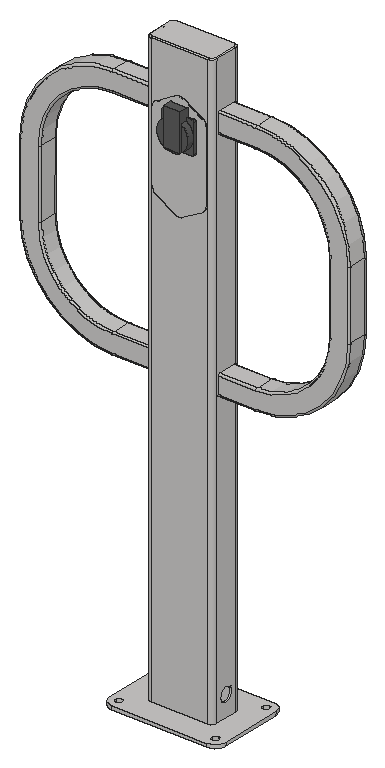
Revit family "Landscaping_Bike-Racks-Shelters_Saris-Infrastructure_Power-Post", category Site, Revit 2022
Family settings
  Round Connector Dimension = Use Diameter
  Part Type = Normal
  OmniClass Number = 23.40.10.11.11
  OmniClass Title = Bicycle Racks
  Work Plane-Based = No
  Always vertical = Yes
  Cut with Voids When Loaded = No
  Shared = No
Parameters (values of type "Locking Power Post, Zinc Plated")
  z_Locking Power = yes
  Width = 5.00"  # constant formula
  Weight = 22.00 lbf
  Warranty = "1 year"  # constant formula
  Voltage = 125 V  # constant formula
  Version = 1  # constant formula
  URL = "https://www.sarisinfrastructure.com/"
  Power Factor = 1
  Number of Poles = 1
  Clearance [instance] = no
  Product data url = ""
  Product Specifications = "• Two built-in grounded outlets for charging eBikes\r\n• Access port near bottom for electrical plumbing\r\n• Full rectangular tube construction to deter pipe cutters\r\n• Accommodates two standard or electric bikes\r\n• Meets APBP bike parking guidelines\r\n• Ring-less, non-locking version can accompany existing\r\nbicycle racks to provide a charging point"  # constant formula
  Product Page URL = "https://sarisinfrastructure.com/products/powerpostandring"
  Product Material = Saris Infrastructure - Zinc Plated Steel
  Product Documentation Link = "https://cdn.shopify.com/s/files/1/0685/4662/5750/files/Power_Post_Saris_Infrastructure.pdf"
  Model = "34015"
  Manufacturer = "Saris Infrastructure"  # constant formula
  Length = 19.88"
  Height = 36.00"  # constant formula
  Description = "Locking Power Post, Zinc Plated - 34015"
  Default Elevation = 0.00"
  Date Updated = "2024/08/15"  # constant formula
  Date Created = "2024/08/15"  # constant formula
  Apparent Load = 0 VA
Types (5): name | z_Locking Power | Weight | Product Page URL | Product Material | Model | Length | Description
  (no name) | yes | 22.00 lbf | "https://sarisinfrastructure.com/products/powerpostandring" | Saris Infrastructure - Zinc Plated Steel | "34015" | 19.88" | "Locking Power Post, Zinc Plated - 34015"
  Locking Power Post, Black Powder Coat | yes | 22.00 lbf | "https://sarisinfrastructure.com/products/powerpostandring" | Saris Infrastructure - Mild Steel - Powder Coat - Black | "34102" | 19.88" | "Locking Power Post, Black Powder Coat - 34102"
  Locking Power Post, Zinc Plated | yes | 22.00 lbf | "https://sarisinfrastructure.com/products/powerpostandring" | Saris Infrastructure - Zinc Plated Steel | "34015" | 19.88" | "Locking Power Post, Zinc Plated - 34015"
  Non-locking Power Post, Black Powder Coat | no | 16.00 lbf | "https://sarisinfrastructure.com/products/power-post" | Saris Infrastructure - Mild Steel - Powder Coat - Black | "34206" | 7.00" | "Non-locking Power Post, Black Powder Coat - 34206"
  Non-locking Power Post, Zinc Plated | no | 16.00 lbf | "https://sarisinfrastructure.com/products/power-post" | Saris Infrastructure - Zinc Plated Steel | "34014" | 7.00" | "Non-locking Power Post, Zinc Plated - 34014"
Reference planes (in)
  plane 1 "Center (Front/Back)": y = 0
  plane 2: z = 0
  plane 3 "Center (Left/Right)": x = 0
  plane 4: y = 24
  plane 5: y = -24
  plane 6: x = 48
  plane 7: x = -48
Forms (in)
  Extrusion 1, solid, material "Clearance Material - Saris Infrastructure - Red", visible <- "Clearance"
    sketch origin (0, 0, 0) x (1, 0, 0) y (0, 1, 0)
      loop
        line (-48, 24) -> (-48, -24) -> (48, -24) -> (48, 24) -> (-48, 24)
    from 0 to 36
  Extrusion 2, solid, material "Saris Infrastructure - Zinc Plated Steel" <- "Product Material"
    sketch origin (0, 0, 0) x (1, 0, 0) y (0, 1, 0)
      loop
        line (1.69472, 1) -> (-1.69334, 1)
        arc (-1.69334, 1) -> (-1.91018, 0.91018) -> (-2, 0.69334) r 0.30666
        line (-2, 0.69334) -> (-2, -0.68507)
        arc (-2, -0.68507) -> (-1.90861, -0.9057) -> (-1.68797, -0.99709) r 0.31203
        line (-1.68797, -0.99709) -> (1.68557, -0.99709)
        arc (1.68557, -0.99709) -> (1.90791, -0.905) -> (2, -0.68266) r 0.31443
        line (2, -0.68266) -> (2, 0.69472)
        arc (2, 0.69472) -> (1.91058, 0.91058) -> (1.69472, 1) r 0.30528
      loop
        arc (-1.68518, 0.87791) -> (-1.8194, 0.82231) -> (-1.875, 0.68808) r 0.18982
        line (-1.875, 0.68808) -> (-1.875, -0.6795)
        arc (-1.875, -0.6795) -> (-1.81859, -0.81569) -> (-1.68241, -0.87209) r 0.19259
        line (-1.68241, -0.87209) -> (1.68365, -0.87209)
        arc (1.68365, -0.87209) -> (1.81896, -0.81605) -> (1.875, -0.68075) r 0.19135
        line (1.875, -0.68075) -> (1.875, 0.68628)
        arc (1.875, 0.68628) -> (1.81888, 0.82178) -> (1.68338, 0.87791) r 0.19162
        line (1.68338, 0.87791) -> (-1.68518, 0.87791)
    from 0.18 to 35.933
  Sweep 3, solid, material "Saris Infrastructure - Zinc Plated Steel" <- "Product Material", visible <- "z_Locking Power"
    path origin (-1.3125, 0, 4.23438) x (-1, 0, 0) y (0, 0, -1)
      loop
        line (0.6875, -28.885) -> (3.00136, -28.885)
        arc (3.00136, -28.885) -> (6.97821, -27.23737) -> (8.6246, -23.26) r 5.62324
        line (8.6246, -23.26) -> (8.62636, -19.125)
        arc (8.62636, -19.125) -> (6.97943, -15.14745) -> (3.00136, -13.50176) r 5.62085
        line (3.00136, -13.50176) -> (0.6875, -13.5)
    profile origin (-3.15693, 0, 33.11938) x (0, 0, -1) y (0, -1, 0)
      loop
        line (0, 0.525) -> (0, -0.525)
        arc (0, -0.525) -> (0.02929, -0.59571) -> (0.1, -0.625) r 0.1
        line (0.1, -0.625) -> (1.15, -0.625)
        arc (1.15, -0.625) -> (1.22071, -0.59571) -> (1.25, -0.525) r 0.1
        line (1.25, -0.525) -> (1.25, 0.525)
        arc (1.25, 0.525) -> (1.22071, 0.59571) -> (1.15, 0.625) r 0.1
        line (1.15, 0.625) -> (0.1, 0.625)
        arc (0.1, 0.625) -> (0.02929, 0.59571) -> (0, 0.525) r 0.1
      loop
        line (0.12, -0.505) -> (1.13, -0.505) -> (1.13, 0.505) -> (0.12, 0.505) -> (0.12, -0.505)
  Extrusion 4, solid, material "Saris Infrastructure - Zinc Plated Steel" <- "Product Material"
    sketch origin (0, 0, 0) x (1, 0, 0) y (0, 1, 0)
      loop
        line (2.86399, 2.5) -> (-2.86561, 2.5)
        arc (-2.86561, 2.5) -> (-3.31419, 2.31419) -> (-3.5, 1.86561) r 0.63439
        line (-3.5, 1.86561) -> (-3.5, -1.85979)
        arc (-3.5, -1.85979) -> (-3.31249, -2.31249) -> (-2.85979, -2.5) r 0.64021
        line (-2.85979, -2.5) -> (2.86396, -2.5)
        arc (2.86396, -2.5) -> (3.31371, -2.31371) -> (3.5, -1.86396) r 0.63604
        line (3.5, -1.86396) -> (3.5, 1.86399)
        arc (3.5, 1.86399) -> (3.31372, 2.31372) -> (2.86399, 2.5) r 0.63601
      loop
        circle (-2.90329, 1.90369) r 0.2135
      loop
        circle (2.90329, 1.90369) r 0.2135
      loop
        circle (-2.90329, -1.90369) r 0.2135
      loop
        circle (2.90329, -1.90369) r 0.2135
    from 0 to 0.18
  Sweep 5, solid, material "Saris Infrastructure - Zinc Plated Steel" <- "Product Material", visible <- "z_Locking Power"
    path origin (1.3125, 0, 4.23438) x (1, 0, 0) y (0, 0, 1)
      loop
        line (0.6875, 28.885) -> (3.00136, 28.885)
        arc (3.00136, 28.885) -> (6.97821, 27.23737) -> (8.6246, 23.26) r 5.62324
        line (8.6246, 23.26) -> (8.62636, 19.125)
        arc (8.62636, 19.125) -> (6.97943, 15.14745) -> (3.00136, 13.50176) r 5.62085
        line (3.00136, 13.50176) -> (0.6875, 13.5)
    profile origin (3.15693, 0, 33.11938) x (0, 0, 1) y (0, -1, 0)
      loop
        arc (0, 0.525) -> (-0.02929, 0.59571) -> (-0.1, 0.625) r 0.1
        line (-0.1, 0.625) -> (-1.15, 0.625)
        arc (-1.15, 0.625) -> (-1.22071, 0.59571) -> (-1.25, 0.525) r 0.1
        line (-1.25, 0.525) -> (-1.25, -0.525)
        arc (-1.25, -0.525) -> (-1.22071, -0.59571) -> (-1.15, -0.625) r 0.1
        line (-1.15, -0.625) -> (-0.1, -0.625)
        arc (-0.1, -0.625) -> (-0.02929, -0.59571) -> (0, -0.525) r 0.1
        line (0, -0.525) -> (0, 0.525)
      loop
        line (-0.12, -0.505) -> (-0.12, 0.505) -> (-1.13, 0.505) -> (-1.13, -0.505) -> (-0.12, -0.505)
  SweptBlend 6, solid, material "Saris Infrastructure - Zinc Plated Steel" <- "Product Material"
    path origin (0, 7.5, 0) x (0, 0, 1) y (-1, 0, 0)
      loop
        line (35.993, 0) -> (35.933, 0)
    profile origin (0, 7.5, 35.993) x (0, 1, 0) y (-1, 0, 0)
      loop
        line (-6.55709, -1.69) -> (-6.55709, 1.69)
        arc (-6.55709, 1.69) -> (-6.63032, 1.86678) -> (-6.80709, 1.94) r 0.25
        line (-6.80709, 1.94) -> (-8.18709, 1.94)
        arc (-8.18709, 1.94) -> (-8.36387, 1.86678) -> (-8.43709, 1.69) r 0.25
        line (-8.43709, 1.69) -> (-8.43709, -1.69)
        arc (-8.43709, -1.69) -> (-8.36387, -1.86678) -> (-8.18709, -1.94) r 0.25
        line (-8.18709, -1.94) -> (-6.80709, -1.94)
        arc (-6.80709, -1.94) -> (-6.63032, -1.86678) -> (-6.55709, -1.69) r 0.25
    end profile origin (0, 7.5, 35.933) x (0, 1, 0) y (-1, 0, 0)
      loop
        arc (-6.5, 1.69334) -> (-6.58982, 1.91018) -> (-6.80666, 2) r 0.30666
        line (-6.80666, 2) -> (-8.18507, 2)
        arc (-8.18507, 2) -> (-8.4057, 1.90861) -> (-8.49709, 1.68797) r 0.31203
        line (-8.49709, 1.68797) -> (-8.49709, -1.68557)
        arc (-8.49709, -1.68557) -> (-8.405, -1.90791) -> (-8.18266, -2) r 0.31443
        line (-8.18266, -2) -> (-6.80528, -2)
        arc (-6.80528, -2) -> (-6.58942, -1.91058) -> (-6.5, -1.69472) r 0.30528
        line (-6.5, -1.69472) -> (-6.5, 1.69334)
  Extrusion 7, void
    sketch origin (-7.99865, 0, 0) x (0, 0, 1) y (0, -1, 0)
      loop
        circle (1.43, 0) r 0.43797
    from 8.52876 to 10.87365
  Extrusion 8, solid, material "Saris Infrastructure - Zinc Plated Steel" <- "Product Material"
    sketch origin (0, 7.5, 0) x (0, 0, 1) y (1, 0, 0)
      loop
        arc (33.32505, -0.25) -> (33.39204, 0) -> (33.32505, 0.25) r 0.5
        line (33.32505, 0.25) -> (32.67553, 1.375)
        arc (32.67553, 1.375) -> (32.49252, 1.55801) -> (32.24252, 1.625) r 0.5
        line (32.24252, 1.625) -> (28.04156, 1.625)
        arc (28.04156, 1.625) -> (27.79156, 1.55801) -> (27.60854, 1.375) r 0.5
        line (27.60854, 1.375) -> (26.95903, 0.25)
        arc (26.95903, 0.25) -> (26.89204, 0) -> (26.95903, -0.25) r 0.5
        line (26.95903, -0.25) -> (27.60854, -1.375)
        arc (27.60854, -1.375) -> (27.79156, -1.55801) -> (28.04156, -1.625) r 0.5
        line (28.04156, -1.625) -> (32.24252, -1.625)
        arc (32.24252, -1.625) -> (32.49252, -1.55801) -> (32.67553, -1.375) r 0.5
        line (32.67553, -1.375) -> (33.32505, -0.25)
    from -8.51609 to -8.49709
  Extrusion 9, solid, material "Saris Infrastructure - Plastic - Black"
    sketch origin (0, -1.01609, 0) x (0, 0, -1) y (1, 0, 0)
      loop
        line (-32.35608, -0.98425) -> (-30.63716, -0.98425)
        arc (-30.63716, -0.98425) -> (-30.546, -0.9465) -> (-30.50825, -0.85534) r 0.12891
        line (-30.50825, -0.85534) -> (-30.50825, 0.85723)
        arc (-30.50825, 0.85723) -> (-30.54545, 0.94705) -> (-30.63527, 0.98425) r 0.12702
        line (-30.63527, 0.98425) -> (-32.35366, 0.98425)
        arc (-32.35366, 0.98425) -> (-32.4407, 0.9482) -> (-32.47675, 0.86116) r 0.12309
        line (-32.47675, 0.86116) -> (-32.47675, 0.49213) -> (-30.72015, 0.49213) -> (-30.72015, -0.49213) -> (-32.47675, -0.49213) -> (-32.47675, -0.86358)
        arc (-32.47675, -0.86358) -> (-32.44141, -0.94891) -> (-32.35608, -0.98425) r 0.12068
    from 0 to 0.106
  Extrusion 10, solid, material "Saris Infrastructure - Plastic - Black"
    sketch origin (0, -1.01609, 0) x (0, 0, -1) y (1, 0, 0)
      loop
        line (-32.94919, -0.49213) -> (-30.72015, -0.49213) -> (-30.72015, 0.49213) -> (-32.94919, 0.49213) -> (-32.94919, -0.49213)
    from 0 to 0.57155
  Extrusion 11, solid, material "Saris Infrastructure - Plastic - Black"
    sketch origin (0, -1.01609, 0) x (0, 0, -1) y (1, 0, 0)
      loop
        circle (-31.49112, 0.00152) r 0.92677
    from 0.106 to 0.50905
  Extrusion 12, solid, material "Saris Infrastructure - Zinc Plated Steel" <- "Product Material"
    sketch origin (0, -7.5, 0) x (0, 0, 1) y (-1, 0, 0)
      loop
        line (35.35841, 0.25) -> (34.70889, 1.375)
        arc (34.70889, 1.375) -> (34.52588, 1.55801) -> (34.27588, 1.625) r 0.5
        line (34.27588, 1.625) -> (30.07492, 1.625)
        arc (30.07492, 1.625) -> (29.82492, 1.55801) -> (29.6419, 1.375) r 0.5
        line (29.6419, 1.375) -> (28.99238, 0.25)
        arc (28.99238, 0.25) -> (28.9254, 0) -> (28.99238, -0.25) r 0.5
        line (28.99238, -0.25) -> (29.6419, -1.375)
        arc (29.6419, -1.375) -> (29.82492, -1.55801) -> (30.07492, -1.625) r 0.5
        line (30.07492, -1.625) -> (34.27588, -1.625)
        arc (34.27588, -1.625) -> (34.52588, -1.55801) -> (34.70889, -1.375) r 0.5
        line (34.70889, -1.375) -> (35.35841, -0.25)
        arc (35.35841, -0.25) -> (35.4254, 0) -> (35.35841, 0.25) r 0.5
    from -8.51609 to -8.49709
  Extrusion 13, solid, material "Saris Infrastructure - Plastic - Black"
    sketch origin (0, 1.01609, 2) x (0, 0, -1) y (-1, 0, 0)
      loop
        arc (-32.35608, 0.98425) -> (-32.44141, 0.94891) -> (-32.47675, 0.86358) r 0.12068
        line (-32.47675, 0.86358) -> (-32.47675, 0.49213) -> (-30.72015, 0.49213) -> (-30.72015, -0.49213) -> (-32.47675, -0.49213) -> (-32.47675, -0.86116)
        arc (-32.47675, -0.86116) -> (-32.4407, -0.9482) -> (-32.35366, -0.98425) r 0.12309
        line (-32.35366, -0.98425) -> (-30.63527, -0.98425)
        arc (-30.63527, -0.98425) -> (-30.54545, -0.94705) -> (-30.50825, -0.85723) r 0.12702
        line (-30.50825, -0.85723) -> (-30.50825, 0.85534)
        arc (-30.50825, 0.85534) -> (-30.546, 0.9465) -> (-30.63716, 0.98425) r 0.12891
        line (-30.63716, 0.98425) -> (-32.35608, 0.98425)
    from 0 to 0.106
  Extrusion 14, solid, material "Saris Infrastructure - Plastic - Black"
    sketch origin (0, 1.01609, 2) x (0, 0, -1) y (-1, 0, 0)
      loop
        line (-32.94919, 0.49213) -> (-32.94919, -0.49213) -> (-30.72015, -0.49213) -> (-30.72015, 0.49213) -> (-32.94919, 0.49213)
    from 0 to 0.57155
  Extrusion 15, solid, material "Saris Infrastructure - Plastic - Black"
    sketch origin (0, 1.01609, 2) x (0, 0, -1) y (-1, 0, 0)
      loop
        circle (-31.49112, -0.00152) r 0.92677
    from 0.106 to 0.50905
  Extrusion 16, solid, material "Saris Infrastructure - Plastic - Black"
    sketch origin (0, 1.01609, 0) x (0, 0, -1) y (-1, 0, 0)
      loop
        line (-32.12675, -0.63425) -> (-30.85825, -0.63425) -> (-30.85825, 0.63425) -> (-32.12675, 0.63425) -> (-32.12675, -0.63425)
      loop
        line (-32.35175, -0.98425) -> (-30.63325, -0.98425)
        arc (-30.63325, -0.98425) -> (-30.54486, -0.94764) -> (-30.50825, -0.85925) r 0.125
        line (-30.50825, -0.85925) -> (-30.50825, 0.85925)
        arc (-30.50825, 0.85925) -> (-30.54486, 0.94764) -> (-30.63325, 0.98425) r 0.125
        line (-30.63325, 0.98425) -> (-32.35175, 0.98425)
        arc (-32.35175, 0.98425) -> (-32.44014, 0.94764) -> (-32.47675, 0.85925) r 0.125
        line (-32.47675, 0.85925) -> (-32.47675, 0.49213) -> (-32.50825, 0.49213) -> (-32.50825, -0.49213) -> (-32.47675, -0.49213) -> (-32.47675, -0.85925)
        arc (-32.47675, -0.85925) -> (-32.44014, -0.94764) -> (-32.35175, -0.98425) r 0.125
    from 0 to 0.04681
  Extrusion 17, void
    sketch origin (0, 1.12209, 2) x (0, 0, -1) y (-1, 0, 0)
      loop
        circle (-31.49112, -0.00152) r 0.92677
    from 0 to 0.40305
  Extrusion 18, void
    sketch origin (0, -1.01609, 0) x (0, 0, -1) y (1, 0, 0)
      loop
        circle (-31.49112, 0.00152) r 0.92677
    from 0 to 0.50905
Cuts and joins
  Extrusion 7 cuts Extrusion 2
  Extrusion 17 cuts Extrusion 14
  Extrusion 18 cuts Extrusion 10
Lines and regions (in)
  Masking region 1
    outline origin (0, 0, 0) x (1, 0, 0) y (0, 1, 0)
      loop
        line (2.86399, 2.5) -> (-2.86561, 2.5)
        arc (-2.86561, 2.5) -> (-3.31419, 2.31419) -> (-3.5, 1.86561) r 0.63439
        line (-3.5, 1.86561) -> (-3.5, -1.85979)
        arc (-3.5, -1.85979) -> (-3.31249, -2.31249) -> (-2.85979, -2.5) r 0.64021
        line (-2.85979, -2.5) -> (2.86396, -2.5)
        arc (2.86396, -2.5) -> (3.31371, -2.31371) -> (3.5, -1.86396) r 0.63604
        line (3.5, -1.86396) -> (3.5, 1.86399)
        arc (3.5, 1.86399) -> (3.31372, 2.31372) -> (2.86399, 2.5) r 0.63601
  Masking region 2, visible <- "z_Locking Power"
    outline origin (0, 0, 0) x (1, 0, 0) y (0, 1, 0)
      loop
        line (-2, -0.625) -> (-2, 0.625) -> (-9.84117, 0.625)
        arc (-9.84117, 0.625) -> (-9.91132, 0.59594) -> (-9.94038, 0.52579) r 0.09921
        line (-9.94038, 0.52579) -> (-9.94038, -0.52742)
        arc (-9.94038, -0.52742) -> (-9.9118, -0.59642) -> (-9.8428, -0.625) r 0.09758
        line (-9.8428, -0.625) -> (-2, -0.625)
      loop
        line (2, -0.625) -> (9.83936, -0.625)
        arc (9.83936, -0.625) -> (9.91079, -0.59541) -> (9.94038, -0.52398) r 0.10102
        line (9.94038, -0.52398) -> (9.94038, 0.52312)
        arc (9.94038, 0.52312) -> (9.91054, 0.59516) -> (9.8385, 0.625) r 0.10188
        line (9.8385, 0.625) -> (2, 0.625) -> (2, -0.625)
  symbolic lines, style "Clearance", visible <- "Clearance"
    curve 1: line (-48, 24, 0) -> (48, 24, 0)
    curve 2: line (-48, -24, 0) -> (-48, 24, 0)
    curve 3: line (48, -24, 0) -> (-48, -24, 0)
    curve 4: line (48, 24, 0) -> (48, -24, 0)
  symbolic lines, detail levels fine
    curve 5: circle (-2.90329, 1.90369, 0) r 0.2135 normal (0, 0, -1)
    curve 6: circle (2.90329, 1.90369, 0) r 0.2135 normal (0, 0, -1)
    curve 7: circle (2.90329, -1.90369, 0) r 0.2135 normal (0, 0, -1)
    curve 8: circle (-2.90329, -1.90369, 0) r 0.2135 normal (0, 0, -1)
    curve 12: line (-1.94, 0.69291, 0) -> (-1.94, -0.68709, 0)
    curve 13: arc (-1.94, -0.68709, 0) -> (-1.86678, -0.86387, 0) -> (-1.69, -0.93709, 0) r 0.25
    curve 14: line (-1.69, -0.93709, 0) -> (1.69, -0.93709, 0)
    curve 16: line (1.69, 0.94291, 0) -> (-1.69, 0.94291, 0)
    curve 17: arc (-1.69, 0.94291, 0) -> (-1.86678, 0.86968, 0) -> (-1.94, 0.69291, 0) r 0.25
    curve 19: arc (1.94, 0.69291, 0) -> (1.86678, 0.86968, 0) -> (1.69, 0.94291, 0) r 0.25
    curve 21: line (1.94, -0.68709, 0) -> (1.94, 0.69291, 0)
    curve 23: arc (1.69, -0.93709, 0) -> (1.86678, -0.86387, 0) -> (1.94, -0.68709, 0) r 0.25
  symbolic lines
    curve 9: arc (-2, -0.68507, 0) -> (-1.90861, -0.9057, 0) -> (-1.68797, -0.99709, 0) r 0.31203
    curve 10: line (-1.68797, -0.99709, 0) -> (1.68557, -0.99709, 0)
    curve 11: line (-2, 0.69334, 0) -> (-2, -0.68507, 0)
    curve 15: arc (-1.65123, 0.99709, 0) -> (-1.89474, 0.92459, 0) -> (-2, 0.69334, 0) r 0.30666
    curve 18: arc (2, 0.69472, 0) -> (1.92496, 0.89518, 0) -> (1.73673, 0.99709, 0) r 0.30528
    curve 20: line (2, -0.68266, 0) -> (2, 0.69472, 0)
    curve 22: arc (1.68557, -0.99709, 0) -> (1.90791, -0.905, 0) -> (2, -0.68266, 0) r 0.31443
    curve 24: line (0.49213, -1.58765, 0) -> (0.49213, -0.99709, 0)
    curve 25: line (-0.49213, -1.58765, 0) -> (0.49213, -1.58765, 0)
    curve 26: line (-0.49213, -0.99709, 0) -> (-0.49213, -1.58765, 0)
    curve 27: line (-0.92525, -1.52515, 0) -> (-0.49213, -1.52515, 0)
    curve 28: line (-0.92525, -1.52515, 0) -> (-0.92525, -1.12209, 0)
    curve 29: line (0.49213, -1.52515, 0) -> (0.92828, -1.52515, 0)
    curve 30: line (0.49213, -1.12209, 0) -> (0.98425, -1.12209, 0)
    curve 31: line (0.98425, -1.12209, 0) -> (0.98425, -0.99709, 0)
    curve 32: line (0.92828, -1.52515, 0) -> (0.92828, -1.12209, 0)
    curve 33: line (-0.49213, -1.12209, 0) -> (-0.98425, -1.12209, 0)
    curve 34: line (-0.98425, -1.12209, 0) -> (-0.98425, -0.99709, 0)
    curve 35: line (0.49213, 1.58765, 0) -> (0.49213, 0.99709, 0)
    curve 36: line (-0.49213, 1.58765, 0) -> (0.49213, 1.58765, 0)
    curve 37: line (-0.49213, 0.99709, 0) -> (-0.49213, 1.58765, 0)
    curve 38: line (-0.92525, 1.52515, 0) -> (-0.49213, 1.52515, 0)
    curve 39: line (-0.92525, 1.52515, 0) -> (-0.92525, 1.12209, 0)
    curve 40: line (0.49213, 1.52515, 0) -> (0.92828, 1.52515, 0)
    curve 41: line (0.49213, 1.12209, 0) -> (0.98425, 1.12209, 0)
    curve 42: line (0.98425, 1.12209, 0) -> (0.98425, 0.99709, 0)
    curve 43: line (0.92828, 1.52515, 0) -> (0.92828, 1.12209, 0)
    curve 44: line (-0.49213, 1.12209, 0) -> (-0.98425, 1.12209, 0)
    curve 45: line (-0.98425, 1.12209, 0) -> (-0.98425, 0.99709, 0)
    curve 46: line (-1.65123, 0.99709, 0) -> (1.73673, 0.99709, 0)
Dimensions and locks (in)
  equal spacing: Masking region 2 sketch curve, plane 3 "Center (Left/Right)", Masking region 2 sketch curve
  Masking region 2 sketch curve to Masking region 2 sketch curve = 19.88076"
  locked: plane 7 to plane 3 "Center (Left/Right)" at 48
  locked: plane 3 "Center (Left/Right)" to plane 6 at 48
  locked: plane 1 "Center (Front/Back)" to plane 4 at 24
  locked: plane 5 to plane 1 "Center (Front/Back)" at 24
  locked: Extrusion 1 to plane 2 at 36
  aligned and locked: level to plane 2
  aligned and locked: curve 2 to plane 7
  aligned and locked: curve 4 to plane 6
  aligned and locked: curve 1 to plane 4
  aligned and locked: curve 3 to plane 5
  aligned and locked: Extrusion 1 sketch curve to plane 7
  aligned and locked: Extrusion 1 sketch curve to plane 6
  aligned and locked: Extrusion 1 sketch curve to plane 4
  aligned and locked: Extrusion 1 sketch curve to plane 5
Connectors (in)
  electrical at (0.00152, 1.52515, 33.49112), driven by "Power Factor", driven by "Voltage", driven by "Number of Poles", driven by "Apparent Load"
    settings: on Extrusion 15, index 1, voltage 125 V, apparent load 0 VA, apparent load phase1 0 VA, apparent load phase2 0 VA, apparent load phase3 0 VA, power factor 1, load classification "Other", number of poles 1, system type 30, power factor state 1, is connector primary yes, connector utility no, sub classification motor no, connector description "Power Connection"
  electrical at (0.00152, -1.52515, 31.49112), driven by "Power Factor", driven by "Voltage", driven by "Number of Poles", driven by "Apparent Load"
    settings: on Extrusion 11, index 2, voltage 125 V, apparent load 0 VA, apparent load phase1 0 VA, apparent load phase2 0 VA, apparent load phase3 0 VA, power factor 1, load classification "Other", number of poles 1, system type 30, power factor state 1, is connector primary no, connector utility no, sub classification motor no, connector description "Power Connection"
